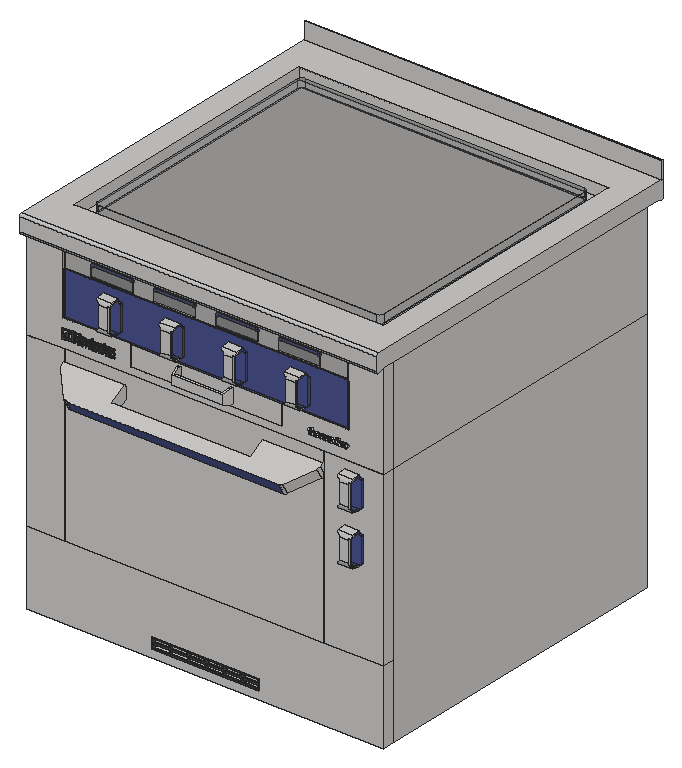
Revit family "QF_ELECTROLUXPROFESSIONAL_588418_MALLFBH8AO", category Attrezzature speciali, Revit 2020
Family settings
  Quota connettore circolare = Usa diametro
  Tipo di parte = Normale
  Basato su piano di lavoro = No
  Sempre verticale = Sì
  Taglio con vuoti quando caricato = No
  Condiviso = No
  Punto di calcolo locali = No
Parameters (values of type "Standard")
  Weight = 208.00 kg
  Watts = 17300 W
  Volts = 400 V
  URL Manufacturer = "https://www.electroluxprofessional.com/"
  URL = "https://www.electroluxprofessional.com/"
  Steam Supply Size = 0"
  Steam Supply Minimum Pressure = 0.00 psi
  Steam Supply Maximum Pressure = 0.00 psi
  Steam Consumption per Hour = 0
  Refrigeration Suction Line Size = 0 mm
  Refrigeration Liquid Line Size = 0 mm
  Refrigerant Compressor Remote = yes
  Prospetto di default = 0 mm
  Phase = 3
  Modello = "MALLFBH8AO"
  Produttore = "Electrolux Professional"
  Length Actual = 800 mm  # constant formula
  Item Number = "588418"
  Hot Water Size = 0"
  Height Actual = 800 mm  # constant formula
  HP = "23.2 HP"
  Gas Size = 0"
  Gas KW = 0
  Gas Input Pressure = 0.0 Btu/h
  Direct Waste Size = 0"
  Descrizione = "EL.SOLID TOP,ST.OV,1S,BS,800X800X800H"
  Depth Actual = 800 mm  # constant formula
  Cycle = 50 Hz
  Condensate Return Size = 0"
  Compressed Air Volume = 0 GPM
  Compressed Air Size = 0"
  Compressed Air Pressure = 0.00 psi
  Cold Water Size = 0"
  Accessory = yes
Reference planes
  plane 1 "BACK": y = 0
  plane 2: z = 0
  plane 3 "LEFT": x = 0
  plane 4 "RIGHT": x = 800
  plane 5 "FRONT": y = -800
  plane 6 "TOP": z = 900
  plane 7 "Center (Left/Right)": x = 400
  plane 8: y = -400
  plane 9: z = 100
  plane 10: y = -150
  plane 11 "Panel": y = -755
  plane 12: z = 798
  plane 13: z = 1327
  plane 14: x = 78
  plane 15: x = 722
  plane 16: y = -150
  plane 17: y = -650
  plane 18 "EIx": x = 755
  plane 19 "EIy": y = -585
Forms (mm)
  Extrusion 1, solid, material "QF_Finishes_Stainless Steel"
    sketch origin (-178.969, -4572, 100) x (-1, 0, 0) y (0, -1, 0)
      loop
        line (-178.969, -4527) -> (-178.969, -3817) -> (-978.969, -3817) -> (-978.969, -4527) -> (-178.969, -4527)
    from 550 to 763
  Extrusion 2, solid, material "QF_Finishes_Stainless Steel"
    sketch origin (0, 0, 0) x (0, 1, 0) y (0, 0, 1)
      loop
        line (-755, 100) -> (-755, 265) -> (-780, 265) -> (-780, 100) -> (-755, 100)
    from 0 to 800
  Extrusion 3, solid, material "QF_Finishes_Stainless Steel"
    sketch origin (-588.969, -4562, 100) x (-1, 0, 0) y (0, -1, 0)
      loop
        circle (-1343.969, -3977) r 6.35
    from 0 to -11.851
  Extrusion 4, solid, material "QF_Finishes_Stainless Steel"
    sketch origin (400, 296.4, 1219.2) x (0, 1, 0) y (0, 0, 1)
      loop
        line (-296.4, -319.2) -> (-1091.4, -319.2)
        arc (-1091.4, -319.2) -> (-1094.935, -320.664) -> (-1096.4, -324.2) r 5
        line (-1096.4, -324.2) -> (-1096.4, -355.2)
        arc (-1096.4, -355.2) -> (-1094.971, -358.264) -> (-1091.705, -359.139) r 4
        line (-1091.705, -359.139) -> (-1076.4, -356.231) -> (-316.4, -356.231) -> (-301.094, -359.139)
        arc (-301.094, -359.139) -> (-297.829, -358.264) -> (-296.4, -355.2) r 4
        line (-296.4, -355.2) -> (-296.4, -319.2)
    from -400 to 400
  Extrusion 5, solid, material "QF_Finishes_Electrolux_Black Smoke Iluminated"
    sketch origin (0, 0, 900) x (-1, 0, 0) y (0, -1, 0)
      loop
        arc (-88, 109) -> (-80.929, 111.929) -> (-78, 119) r 10
        line (-78, 119) -> (-78, 680)
        arc (-78, 680) -> (-80.929, 687.071) -> (-88, 690) r 10
        line (-88, 690) -> (-712, 690)
        arc (-712, 690) -> (-719.071, 687.071) -> (-722, 680) r 10
        line (-722, 680) -> (-722, 119)
        arc (-722, 119) -> (-719.071, 111.929) -> (-712, 109) r 10
        line (-712, 109) -> (-88, 109)
    from 0 to -20
  Extrusion 6, solid, material "QF_Finishes_Stainless Steel"
    sketch origin (-178.969, -4572, 100) x (-1, 0, 0) y (0, -1, 0)
      loop
        line (-178.969, -4527) -> (-178.969, -3817) -> (-978.969, -3817) -> (-978.969, -4527) -> (-178.969, -4527)
    from 550 to 0
  Extrusion 7, void
    sketch origin (0, -755, 0) x (-1, 0, 0) y (0, 0, 1)
      loop
        line (-520, 116.594) -> (-280, 116.594) -> (-280, 141.594) -> (-520, 141.594) -> (-520, 116.594)
    from 0 to -25
  Extrusion 8, solid, material "QF_Finishes_Black"
    sketch origin (0, -755, 0) x (-1, 0, 0) y (0, 0, 1)
      loop
        line (-280, 141.594) -> (-520, 141.594) -> (-520, 116.594) -> (-280, 116.594) -> (-280, 141.594)
      loop
        line (-282, 139.594) -> (-319.131, 139.594) -> (-319.131, 130.094) -> (-282, 130.094) -> (-282, 139.594)
      loop
        line (-282, 118.594) -> (-282, 128.094) -> (-319.131, 128.094) -> (-319.131, 118.594) -> (-282, 118.594)
      loop
        line (-321.131, 139.594) -> (-359.066, 139.594) -> (-359.066, 130.094) -> (-321.131, 130.094) -> (-321.131, 139.594)
      loop
        line (-399, 139.594) -> (-399, 130.094) -> (-361.066, 130.094) -> (-361.066, 139.594) -> (-399, 139.594)
      loop
        line (-401, 139.594) -> (-438.934, 139.594) -> (-438.934, 130.094) -> (-401, 130.094) -> (-401, 139.594)
      loop
        line (-359.066, 118.594) -> (-321.131, 118.594) -> (-321.131, 128.094) -> (-359.066, 128.094) -> (-359.066, 118.594)
      loop
        line (-361.066, 118.594) -> (-361.066, 128.094) -> (-399, 128.094) -> (-399, 118.594) -> (-361.066, 118.594)
      loop
        line (-401, 128.094) -> (-438.934, 128.094) -> (-438.934, 118.594) -> (-401, 118.594) -> (-401, 128.094)
      loop
        line (-518, 139.594) -> (-518, 130.094) -> (-480.869, 130.094) -> (-480.869, 139.594) -> (-518, 139.594)
      loop
        line (-518, 118.594) -> (-480.869, 118.594) -> (-480.869, 128.094) -> (-518, 128.094) -> (-518, 118.594)
      loop
        line (-478.869, 139.594) -> (-478.869, 130.094) -> (-440.934, 130.094) -> (-440.934, 139.594) -> (-478.869, 139.594)
      loop
        line (-440.934, 118.594) -> (-440.934, 128.094) -> (-478.869, 128.094) -> (-478.869, 118.594) -> (-440.934, 118.594)
    from -25.03 to -20
  Extrusion 9, void
    sketch origin (0, 0, 900) x (-1, 0, 0) y (0, -1, 0)
      loop
        line (-53, 715) -> (-747, 715) -> (-747, 84) -> (-53, 84) -> (-53, 715)
    from 0 to -25
  Extrusion 10, solid, material "QF_Finishes_Stainless Steel"
    sketch origin (0, 0, 900) x (-1, 0, 0) y (0, -1, 0)
      loop
        line (-82, 113) -> (-82, 686) -> (-718, 686) -> (-718, 113) -> (-82, 113)
    from -20 to -25
  Extrusion 11, solid, material "QF_Finishes_Stainless Steel"
    sketch origin (400, 296.4, 1219.2) x (0, 1, 0) y (0, 0, 1)
      loop
        line (-299.4, -319.2) -> (-296.4, -319.2) -> (-296.4, -281.2) -> (-299.4, -281.2) -> (-299.4, -319.2)
    from -400 to 400
Cuts and joins
  Extrusion 7 cuts Extrusion 6
  Extrusion 7 cuts Extrusion 2
  Extrusion 9 cuts Extrusion 4
Lines and regions (mm)
  symbolic lines
    curve 1: line (0, 0, 100) -> (800, 0, 100)
    curve 2: line (0, -800, 100) -> (0, 0, 100)
    curve 3: line (800, -800, 100) -> (0, -800, 100)
    curve 4: line (800, 0, 100) -> (800, -800, 100)
    curve 5: line (712, -109, 100) -> (88, -109, 100)
    curve 6: line (78, -119, 100) -> (78, -680, 100)
    curve 7: line (88, -690, 100) -> (712, -690, 100)
    curve 8: line (722, -680, 100) -> (722, -119, 100)
    curve 9: arc (88, -109, 100) -> (80.929, -111.929, 100) -> (78, -119, 100) r 10
    curve 10: arc (722, -119, 100) -> (719.071, -111.929, 100) -> (712, -109, 100) r 10
    curve 11: arc (712, -690, 100) -> (719.071, -687.071, 100) -> (722, -680, 100) r 10
    curve 12: arc (78, -680, 100) -> (80.929, -687.071, 100) -> (88, -690, 100) r 10
    curve 13: line (747, -84, 900) -> (53, -84, 900)
    curve 14: line (53, -84, 900) -> (53, -715, 900)
    curve 15: line (747, -715, 900) -> (747, -84, 900)
    curve 16: line (53, -715, 900) -> (747, -715, 900)
  model lines, style "SpecialityEquipment"
    curve 17: arc (584, -161, 900) -> (530.967, -289.033, 900) -> (659, -236, 900) r 75
    curve 18: line (639, -236, 900) -> (679, -236, 900)
    curve 19: line (679, -236, 900) -> (659, -216, 900)
    curve 20: line (639, -236, 900) -> (659, -216, 900)
    curve 21: arc (216, -161, 900) -> (162.967, -289.033, 900) -> (291, -236, 900) r 75
    curve 22: line (271, -236, 900) -> (311, -236, 900)
    curve 23: line (311, -236, 900) -> (291, -216, 900)
    curve 24: line (271, -236, 900) -> (291, -216, 900)
    curve 25: arc (584, -489, 900) -> (530.967, -617.033, 900) -> (659, -564, 900) r 75
    curve 26: line (639, -564, 900) -> (679, -564, 900)
    curve 27: line (679, -564, 900) -> (659, -544, 900)
    curve 28: line (639, -564, 900) -> (659, -544, 900)
    curve 29: arc (216, -489, 900) -> (162.967, -617.033, 900) -> (291, -564, 900) r 75
    curve 30: line (271, -564, 900) -> (311, -564, 900)
    curve 31: line (311, -564, 900) -> (291, -544, 900)
    curve 32: line (271, -564, 900) -> (291, -544, 900)
Dimensions and locks
  plane 3 "LEFT" to plane 4 "RIGHT" = 800 mm
  plane 5 "FRONT" to plane 1 "BACK" = 800 mm
  equal spacing: plane 3 "LEFT", plane 7 "Center (Left/Right)", plane 4 "RIGHT"
  equal spacing: plane 5 "FRONT", plane 8, plane 1 "BACK"
  plane 6 "TOP" to level = 900 mm  (x2)
  plane 9 to level = 100 mm
  plane 1 "BACK" to plane 10 to plane 11 "Panel" = 150 mm, 605 mm  (x2)
  plane 6 "TOP" to plane 9 to level = 800 mm, 100 mm
  plane 1 "BACK" to plane 5 "FRONT" = 800 mm
  plane 1 "BACK" to Extrusion 3 = 585 mm
  plane 12 to plane 9 = 698 mm
  plane 13 to plane 6 "TOP" = 427 mm
  plane 6 "TOP" to plane 12 = 102 mm
  plane 14 to plane 3 "LEFT" = 78 mm
  plane 15 to plane 4 "RIGHT" = 78 mm
  locked: plane 1 "BACK" to plane 16 at 150
  locked: plane 16 to plane 17 at 500
  plane 11 "Panel" to plane 5 "FRONT" = 45 mm
  plane 18 "EIx" to plane 4 "RIGHT" = 45 mm
  plane 19 "EIy" to plane 1 "BACK" = 585 mm
  aligned and locked: level to plane 2
  aligned and locked: Extrusion 2 to plane 4 "RIGHT"
  aligned and locked: plane 3 "LEFT" to nested 1
  aligned and locked: nested 1 to nested 4
  aligned and locked: cut or joined group of Extrusion 2, Extrusion 7 to nested 1
Automatic sketch dimensions
  Extrusion 2 sketch curve to plane 9 = 0 mm
  Extrusion 2 sketch curve to plane 11 "Panel" = 0 mm
  Extrusion 2 sketch curve to plane 5 "FRONT" = 20 mm
  plane 9 to Extrusion 2 sketch curve = 165 mm
  Extrusion 3 sketch curve to plane 18 "EIx" = 0 mm
  Extrusion 3 sketch curve to plane 19 "EIy" = 0 mm
  Extrusion 4 sketch curve to plane 5 "FRONT" = 0 mm
  Extrusion 4 sketch curve to plane 6 "TOP" = 0 mm
  Extrusion 4 sketch curve to plane 1 "BACK" = 0 mm
  Extrusion 4 sketch curve to plane 5 "FRONT" = 4 mm
  Extrusion 4 sketch curve to Extrusion 4 sketch curve = 0.695 mm
  Extrusion 4 sketch curve to plane 5 "FRONT" = 5 mm
  Extrusion 4 sketch curve to Extrusion 4 sketch curve = 15.305 mm
  plane 1 "BACK" to Extrusion 4 sketch curve = 20 mm
  plane 1 "BACK" to Extrusion 4 sketch curve = 4.695 mm
  Extrusion 4 sketch curve to Extrusion 4 sketch curve = 4 mm
  Extrusion 4 sketch curve to Extrusion 4 sketch curve = 31 mm
  Extrusion 4 sketch curve to plane 6 "TOP" = 36 mm
  Extrusion 4 sketch curve to Extrusion 4 sketch curve = 2.909 mm
  Extrusion 5 sketch curve to plane 15 = 0 mm
  Extrusion 5 sketch curve to plane 14 = 0 mm
  plane 15 to Extrusion 5 sketch curve = 10 mm  (x2)
  Extrusion 5 sketch curve to Extrusion 5 sketch curve = 10 mm  (x2)
  plane 10 to Extrusion 5 sketch curve = 41 mm
  plane 17 to Extrusion 5 sketch curve = 30 mm
  plane 9 to Extrusion 7 sketch curve = 41.594 mm
  plane 7 "Center (Left/Right)" to Extrusion 7 sketch curve = 120 mm
  Extrusion 7 sketch curve to plane 7 "Center (Left/Right)" = 120 mm
  plane 9 to Extrusion 7 sketch curve = 16.594 mm
  plane 9 to Extrusion 8 sketch curve = 41.594 mm
  plane 7 "Center (Left/Right)" to Extrusion 8 sketch curve = 120 mm
  Extrusion 8 sketch curve to Extrusion 8 sketch curve = 2 mm  (x15)
  Extrusion 8 sketch curve to Extrusion 8 sketch curve = 0 mm  (x16)
  Extrusion 8 sketch curve to Extrusion 8 sketch curve = 37.131 mm  (x2)
  Extrusion 8 sketch curve to Extrusion 8 sketch curve = 37.934 mm  (x3)
  plane 7 "Center (Left/Right)" to Extrusion 8 sketch curve = 1 mm  (x2)
  Extrusion 8 sketch curve to plane 7 "Center (Left/Right)" = 1 mm  (x2)
  plane 9 to Extrusion 8 sketch curve = 18.594 mm  (x4)
  Extrusion 8 sketch curve to Extrusion 8 sketch curve = 9.5 mm  (x6)
  plane 18 "EIx" to Extrusion 9 sketch curve = 8 mm
  plane 14 to Extrusion 9 sketch curve = 25 mm
  plane 10 to Extrusion 9 sketch curve = 66 mm
  plane 11 "Panel" to Extrusion 9 sketch curve = 40 mm
  Extrusion 10 sketch curve to plane 14 = 4 mm
  plane 15 to Extrusion 10 sketch curve = 4 mm
  plane 17 to Extrusion 10 sketch curve = 36 mm
  plane 10 to Extrusion 10 sketch curve = 37 mm
  Extrusion 1 sketch curve to plane 4 "RIGHT" = 0 mm
  Extrusion 1 sketch curve to plane 3 "LEFT" = 0 mm
  Extrusion 1 sketch curve to plane 11 "Panel" = 0 mm
  plane 1 "BACK" to Extrusion 1 sketch curve = 45 mm
  plane 1 "BACK" to curve 1 = 0 mm
  curve 1 to plane 4 "RIGHT" = 0 mm
  curve 8 to plane 15 = 0 mm
  curve 6 to plane 14 = 0 mm
  curve 2 to plane 3 "LEFT" = 0 mm
  plane 5 "FRONT" to curve 3 = 0 mm
  plane 15 to curve 5 = 10 mm
  curve 11 to curve 11 = 10 mm
  curve 5 to plane 14 = 10 mm
  curve 12 to curve 6 = 10 mm
  plane 10 to curve 5 = 41 mm
  plane 17 to curve 11 = 30 mm
  Extrusion 6 sketch curve to plane 4 "RIGHT" = 0 mm
  Extrusion 6 sketch curve to plane 3 "LEFT" = 0 mm
  Extrusion 6 sketch curve to plane 11 "Panel" = 0 mm
  plane 1 "BACK" to Extrusion 6 sketch curve = 45 mm
  curve 20 to curve 17 = 55 mm
  curve 26 to curve 25 = 55 mm
  curve 19 to curve 18 = 20 mm
  curve 26 to curve 27 = 20 mm
  curve 18 to curve 19 = 20 mm
  plane 18 "EIx" to curve 13 = 8 mm
  curve 31 to plane 7 "Center (Left/Right)" = 89 mm
  curve 23 to plane 7 "Center (Left/Right)" = 89 mm
  curve 22 to curve 24 = 20 mm
  curve 30 to curve 31 = 20 mm
  curve 23 to curve 22 = 20 mm
  curve 31 to curve 30 = 20 mm
  curve 22 to curve 21 = 55 mm
  curve 30 to curve 29 = 55 mm
  plane 14 to curve 14 = 25 mm
  plane 10 to curve 13 = 66 mm
  plane 11 "Panel" to curve 16 = 40 mm
  curve 29 to curve 30 = 20 mm
  curve 27 to curve 26 = 40 mm
  curve 25 to curve 26 = 20 mm
  plane 15 to curve 19 = 43 mm
  curve 17 to curve 18 = 20 mm
  curve 21 to curve 22 = 20 mm
  Extrusion 11 sketch curve to plane 6 "TOP" = 0 mm
  Extrusion 11 sketch curve to plane 1 "BACK" = 0 mm
  Extrusion 11 sketch curve to Extrusion 11 sketch curve = 3 mm
  Extrusion 11 sketch curve to Extrusion 11 sketch curve = 38 mm
  plane 19 "EIy" to curve 27 = 21 mm
  plane 15 to curve 27 = 43 mm
  curve 23 to plane 10 = 66 mm
  curve 19 to plane 10 = 66 mm
  plane 19 "EIy" to curve 32 = 41 mm
  radius of Extrusion 3 sketch curve = 6.35 mm
Nested families
  nested 1: "Door_Panel_W800_A" at (300, -755, 0), type "Door_Panel_W800_A"
  nested 2: "FIT Range Control Handle" at (730, -783.167, -372.751), type "FIT Range Control Handle"
  nested 3: "FIT Range Control Handle" at (730, -783.167, -484.751), type "FIT Range Control Handle"
  nested 4: "Front_Panel_W800_Four Knobs" at (202.376, -755, 0), type "Front_Panel_W800_Four Knobs"
Connectors
  electrical at (755, -585, 88.149)
    settings: on Extrusion 3, index 1, voltage 400 V, apparent load 33000 VA, apparent load phase1 0 VA, apparent load phase2 0 VA, apparent load phase3 0 VA, power factor 1, load classification "Other", number of poles 1, system type 30, power factor state 1, is connector primary yes, connector utility no, sub classification motor no, connector description "ELECTRICAL CONNECTION"
Definition of nested family "Door_Panel_W800_A"
  Parameters
    Default Elevation = 0 mm
  Reference planes
    plane 1 "Center (Front/Back)": y = 0
    plane 2 "Ref. Level": z = 0
    plane 3: x = 500
    plane 4: x = -300
    plane 5 "Center (Left/Right)": x = 100
    plane 6: x = -215
    plane 7: x = 365
    plane 8 "Manopola": through (-6096, -50.059, 612.389) normal (0, -0.515, 0.8572)
    plane 9 "Top": z = 650
    plane 10: z = 265
    plane 11: z = 200
  Forms (mm)
    Extrusion 1, solid
      sketch origin (100, 0, 0) x (0, 1, 0) y (0, 0, 1)
        loop
          line (-25.03, 650) -> (-25.03, 265) -> (0, 265) -> (0, 650) -> (-25.03, 650)
      from 265 to 400
    Extrusion 2, solid
      sketch origin (100, 0, 0) x (0, 1, 0) y (0, 0, 1)
        loop
          line (-25.03, 650) -> (-25.03, 265) -> (0, 265) -> (0, 650) -> (-25.03, 650)
      from -400 to -315
    Extrusion 3, solid
      sketch origin (100, 0, 0) x (0, 1, 0) y (0, 0, 1)
        loop
          line (-25.03, 650) -> (-25.03, 265) -> (0, 265) -> (0, 650) -> (-25.03, 650)
      from -315 to 265
    Extrusion 4, solid
      sketch origin (0, -283.633, 472.044) x (0, 0.857167, 0.515038) y (-1, 0, 0)
        loop
          line (299.12, -365) -> (299.12, 215) -> (290.982, 215)
          arc (290.982, 215) -> (286.677, 214.026) -> (283.211, 211.293) r 10
          line (283.211, 211.293) -> (233.28, 170.86)
          arc (233.28, 170.86) -> (230.548, 167.394) -> (229.574, 163.089) r 10
          line (229.574, 163.089) -> (229.574, -313.089)
          arc (229.574, -313.089) -> (230.548, -317.394) -> (233.28, -320.86) r 10
          line (233.28, -320.86) -> (283.211, -361.293)
          arc (283.211, -361.293) -> (286.677, -364.026) -> (290.982, -365) r 10
          line (290.982, -365) -> (299.12, -365)
      from -27 to 0
    Extrusion 5, void
      sketch origin (100, 0, 0) x (0, 1, 0) y (0, 0, 1)
        loop
          line (-61.514, 605.507) -> (-47.608, 582.363) -> (-25.03, 595.93) -> (-25.03, 627.429) -> (-61.514, 605.507)
      from -180 to 130
    Extrusion 6, solid, detail levels coarse
      sketch origin (100, 0, 0) x (0, 1, 0) y (0, 0, 1)
        loop
          line (-25.03, 265) -> (-25.03, 650)
          arc (-25.03, 650) -> (-297.266, 537.236) -> (-410.03, 265) r 385
          line (-410.03, 265) -> (-25.03, 265)
      from -315 to 265
  Cuts and joins
    Extrusion 5 cuts Extrusion 4
    joined: Extrusion 3, Extrusion 4
  Lines and regions (mm)
    symbolic lines
      curve 1: line (-207.355, -45.043, 0) -> (-170.86, -83.673, 0)
      curve 2: line (-163.089, -86.85, 0) -> (313.089, -86.85, 0)
      curve 3: line (320.86, -83.673, 0) -> (357.355, -45.043, 0)
      curve 4: arc (-163.089, -86.85, 0) -> (-167.318, -86.101, 0) -> (-170.86, -83.673, 0) r 10.165
      curve 5: arc (313.089, -86.85, 0) -> (317.318, -86.101, 0) -> (320.86, -83.673, 0) r 10.165
      curve 6: line (-215, -45.043, 0) -> (-215, -410.03, 0)
      curve 7: line (-215, -410.03, 0) -> (365, -410.03, 0)
      curve 8: line (365, -410.03, 0) -> (365, -45.03, 0)
  Dimensions and locks
    plane 3 to plane 4 = 800 mm
    plane 4 to plane 3 = 800 mm
    equal spacing: plane 3, plane 5 "Center (Left/Right)", plane 4
    plane 6 to plane 4 = 85 mm
    plane 3 to plane 7 = 135 mm
    plane 11 to level = 200 mm
    plane 10 to plane 11 = 65 mm
    plane 10 to plane 9 "Top" = 385 mm
    plane 9 "Top" to plane 11 = 450 mm
    aligned and locked: plane 3 to Extrusion 1
    aligned and locked: cut or joined group of Extrusion 3, Extrusion 4, Extrusion 5 to plane 6
    aligned and locked: cut or joined group of Extrusion 3, Extrusion 4, Extrusion 5 to plane 7
    aligned and locked: plane 7 to Extrusion 1
    aligned and locked: plane 6 to Extrusion 2
    aligned and locked: Extrusion 2 to plane 4
    aligned and locked: plane 10 to Extrusion 2
    aligned and locked: plane 10 to cut or joined group of Extrusion 3, Extrusion 4, Extrusion 5
    aligned and locked: plane 10 to Extrusion 1
    aligned and locked: Extrusion 6 to plane 6
    aligned and locked: Extrusion 6 to plane 7
  Automatic sketch dimensions
    Extrusion 5 sketch curve to plane 8 "Manopola" = 0 mm  (x2)
    plane 1 "Center (Front/Back)" to Extrusion 5 sketch curve = 61.514 mm
    Extrusion 5 sketch curve to Extrusion 5 sketch curve = 13.906 mm
    plane 1 "Center (Front/Back)" to Extrusion 5 sketch curve = 25.03 mm
    Extrusion 4 sketch curve to plane 7 = 0 mm
    Extrusion 4 sketch curve to plane 6 = 0 mm
    plane 6 to Extrusion 4 sketch curve = 51.911 mm
    plane 7 to Extrusion 4 sketch curve = 44.14 mm
    Extrusion 4 sketch curve to Extrusion 4 sketch curve = 3.707 mm  (x2)
    plane 6 to Extrusion 4 sketch curve = 44.14 mm
    plane 7 to Extrusion 4 sketch curve = 3.707 mm
    Extrusion 4 sketch curve to Extrusion 4 sketch curve = 49.93 mm  (x2)
    plane 6 to Extrusion 4 sketch curve = 3.707 mm
    Extrusion 4 sketch curve to Extrusion 4 sketch curve = 7.771 mm  (x3)
    Extrusion 4 sketch curve to Extrusion 4 sketch curve = 8.138 mm
    Extrusion 2 sketch curve to plane 1 "Center (Front/Back)" = 0 mm
    Extrusion 3 sketch curve to plane 1 "Center (Front/Back)" = 0 mm
    Extrusion 1 sketch curve to plane 1 "Center (Front/Back)" = 0 mm
    Extrusion 2 sketch curve to plane 9 "Top" = 0 mm
    Extrusion 2 sketch curve to Extrusion 2 sketch curve = 25.03 mm
    Extrusion 3 sketch curve to plane 9 "Top" = 0 mm
    Extrusion 3 sketch curve to Extrusion 3 sketch curve = 25.03 mm
    Extrusion 1 sketch curve to plane 9 "Top" = 0 mm
    plane 1 "Center (Front/Back)" to Extrusion 1 sketch curve = 25.03 mm
    level to Extrusion 1 sketch curve = 265 mm
    level to Extrusion 2 sketch curve = 265 mm
    level to Extrusion 3 sketch curve = 265 mm
    plane 10 to Extrusion 6 sketch curve = 0 mm
    Extrusion 6 sketch curve to plane 9 "Top" = 0 mm
    plane 1 "Center (Front/Back)" to Extrusion 6 sketch curve = 25.03 mm
    curve 7 to plane 7 = 0 mm
    plane 6 to curve 1 = 44.14 mm
    curve 4 to curve 4 = 7.389 mm
    curve 4 to curve 2 = 7.771 mm
    plane 7 to curve 2 = 51.911 mm
    curve 2 to curve 5 = 0.382 mm
    curve 2 to curve 3 = 7.771 mm
    plane 1 "Center (Front/Back)" to curve 6 = 410.03 mm
    plane 1 "Center (Front/Back)" to curve 2 = 86.85 mm
    curve 2 to curve 3 = 3.177 mm
    curve 2 to curve 1 = 3.177 mm
    plane 7 to curve 3 = 7.645 mm
    plane 1 "Center (Front/Back)" to curve 3 = 45.043 mm
    curve 3 to curve 8 = 0.013 mm
    curve 7 to plane 6 = 0 mm
    curve 6 to curve 1 = 7.645 mm
    plane 1 "Center (Front/Back)" to curve 1 = 45.043 mm
    curve 6 to curve 1 = 0 mm
Definition of nested family "FIT Range Control Handle"
  Parameters
    Default Elevation = 0 mm
  Reference planes
    plane 1 "Center (Front/Back)": y = 0
    plane 2: z = 0
    plane 3 "Center (Left/Right)": x = 0
    plane 4: z = 971.092
    plane 5: y = -16.8
  Forms (mm)
    Extrusion 1, solid
      sketch origin (-746.28, 380.497, 208.931) x (-1, 0, 0) y (0, 0, 1)
        loop
          line (-770.101, 786.798) -> (-770.101, 731.649)
          arc (-770.101, 731.649) -> (-769.759, 730.563) -> (-768.855, 729.87) r 1.893
          line (-768.855, 729.87) -> (-763.474, 727.911) -> (-729.81, 727.911) -> (-724.428, 729.87)
          arc (-724.428, 729.87) -> (-723.525, 730.563) -> (-723.183, 731.649) r 1.893
          line (-723.183, 731.649) -> (-723.183, 786.798)
          arc (-723.183, 786.798) -> (-723.529, 787.894) -> (-724.44, 788.593) r 1.91
          line (-724.44, 788.593) -> (-729.683, 790.819) -> (-763.601, 790.819) -> (-768.844, 788.593)
          arc (-768.844, 788.593) -> (-769.755, 787.894) -> (-770.101, 786.798) r 1.91
      from -382.35 to -378.852
    Sweep 2, solid
      path origin (-746.788, 380.496, 208.091) x (0, -1, 0) y (0, 0, 1)
        loop
          line (379.775, 793.281) -> (395.661, 791.048)
          arc (395.661, 791.048) -> (397.781, 787.377) -> (398.517, 783.202) r 12.207
          line (398.517, 783.202) -> (398.517, 737.368)
          arc (398.517, 737.368) -> (397.781, 733.193) -> (395.661, 729.522) r 12.207
          line (395.661, 729.522) -> (379.775, 727.289)
      profile origin (-746.788, -7.222, 1000.256) x (0, -0.139173, 0.990268) y (-1, 0, 0)
        loop
          line (0.782, -763.123) -> (0.782, -730.907) -> (-1.322, -730.907) -> (-1.322, -763.123) -> (0.782, -763.123)
    Sweep 3, solid
      path origin (-746.788, 380.715, 207.832) x (0, -1, 0) y (0, 0, 1)
        loop
          line (380.478, 795.442) -> (397.218, 793.09)
          arc (397.218, 793.09) -> (399.929, 788.473) -> (400.871, 783.202) r 15.207
          line (400.871, 783.202) -> (400.871, 737.584)
          arc (400.871, 737.584) -> (399.914, 732.274) -> (397.164, 727.633) r 15.207
          line (397.164, 727.633) -> (380.601, 725.305)
      profile origin (-746.788, -8.132, 1002.099) x (0, -0.139173, 0.990268) y (-1, 0, 0)
        loop
          line (0.782, -763.123) -> (0.782, -730.907) -> (-1.322, -730.907) -> (-1.322, -763.123) -> (0.782, -763.123)
    Extrusion 4, void
      sketch origin (889.253, 220.666, 207.993) x (1, 0, 0) y (0, 0, 1)
        loop
          line (-943.038, 816.854) -> (-943.038, 703.686) -> (-899.466, 734.196) -> (-899.466, 786.344) -> (-943.038, 816.854)
      from 230.636 to 242.25
    Extrusion 5, void
      sketch origin (-888.8, 220.666, 207.993) x (-1, 0, 0) y (0, 0, -1)
        loop
          line (-943.038, -816.854) -> (-899.466, -786.344) -> (-899.466, -734.196) -> (-943.038, -703.686) -> (-943.038, -816.854)
      from 230.636 to 242.25
    Extrusion 6, solid
      sketch origin (0, 0, 0) x (1, 0, 0) y (0, 0, 1)
        loop
          circle (0, 971.092) r 7.736
      from -3.137 to -1.645
  Cuts and joins
    Extrusion 4, Extrusion 5 cuts Sweep 3
    Extrusion 4, Extrusion 5 cuts Sweep 2
    joined: Extrusion 1, Extrusion 6
  Lines and regions (mm)
    symbolic lines
      curve 1: line (-15.881, -19.189, 0) -> (-15.881, -16.8, 0)
      curve 2: line (16.334, -19.189, 0) -> (16.334, -16.8, 0)
      curve 3: spline (-15.881, -19.189, 0) -> (-15.417, -19.349, 0) -> (-14.951, -19.501, 0) -> (-14.483, -19.646, 0) -> (-14.014, -19.783, 0) -> (-13.543, -19.912, 0) -> (-13.071, -20.033, 0) -> (-12.597, -20.146, 0) -> (-12.122, -20.251, 0) -> (-11.646, -20.349, 0) -> (-11.169, -20.438, 0) -> (-10.691, -20.52, 0) -> (-10.213, -20.593, 0)
      curve 4: spline (10.666, -20.593, 0) -> (11.144, -20.52, 0) -> (11.622, -20.438, 0) -> (12.099, -20.349, 0) -> (12.575, -20.251, 0) -> (13.05, -20.146, 0) -> (13.524, -20.033, 0) -> (13.996, -19.912, 0) -> (14.467, -19.783, 0) -> (14.936, -19.646, 0) -> (15.404, -19.501, 0) -> (15.87, -19.349, 0) -> (16.334, -19.189, 0)
      curve 5: line (-10.213, -20.938, 0) -> (10.716, -20.938, 0)
  Dimensions and locks
    cut or joined group of Sweep 3, Extrusion 4, Extrusion 5 to cut or joined group of Sweep 3, Extrusion 4, Extrusion 5 = 71.686 mm
Definition of nested family "Front_Panel_W800_Four Knobs"
  Parameters
    Default Elevation = 0 mm
  Reference planes
    plane 1 "Center (Front/Back)": y = 0
    plane 2: z = 0
    plane 3 "Center (Left/Right)": x = 197.624
    plane 4 "Left": x = -202.376
    plane 5 "Right": x = 597.624
    plane 6: y = -45
    plane 7: x = -12.376
    plane 8: x = 127.624
    plane 9: y = -310
    plane 10: y = -25
    plane 11: x = 517.624
    plane 12: x = -122.376
  Forms (mm)
    Extrusion 1, solid
      sketch origin (833.217, 829.203, -1.25) x (0, 1, 0) y (0, 0, 1)
        loop
          line (-854.203, 651.25) -> (-829.203, 651.25) -> (-829.203, 864.25) -> (-854.203, 864.25) -> (-854.203, 651.25)
      from -1035.593 to -235.593
    Extrusion 2, void
      sketch origin (0, 0, 0) x (1, 0, 0) y (0, 0, 1)
        loop
          line (-122.376, 853.866) -> (-122.376, 711.866) -> (517.624, 711.866) -> (517.624, 853.866) -> (-122.376, 853.866)
      from 19.387 to 33.951
    Extrusion 3, void
      sketch origin (0, 0, 0) x (1, 0, 0) y (0, 0, 1)
        loop
          line (30.124, 711.866) -> (30.124, 666.866) -> (370.124, 666.866) -> (370.124, 711.866) -> (30.124, 711.866)
      from 19.387 to 25
    Extrusion 4, solid
      sketch origin (0, 0, 0) x (1, 0, 0) y (0, 0, 1)
        loop
          line (31.124, 710.866) -> (31.124, 667.866) -> (369.124, 667.866) -> (369.124, 710.866) -> (31.124, 710.866)
      from 19.387 to 25
    Extrusion 5, solid
      sketch origin (0, 0, 0) x (1, 0, 0) y (0, 1, 0)
        loop
          line (141.059, -25) -> (135.966, -25) -> (140.646, -49.075) -> (254.603, -49.075) -> (259.283, -25) -> (254.189, -25) -> (250.481, -44.075) -> (144.767, -44.075) -> (141.059, -25)
      from 672.593 to 705.67
    Extrusion 6, void
      sketch origin (197.624, 0, 0) x (0, 1, 0) y (0, 0, 1)
        loop
          line (-30, 705.67) -> (-30, 710.67) -> (-56.744, 710.67) -> (-56.744, 667.593) -> (-30, 667.593) -> (-30, 672.593) -> (-53.776, 680.318) -> (-53.776, 697.945) -> (-30, 705.67)
      from -70 to 70
    Extrusion 7, solid, detail levels coarse
      sketch origin (0, -265, 0) x (1, 0, 0) y (0, 1, 0)
        loop
          line (140.646, -69.075) -> (254.603, -69.075) -> (259.283, -45) -> (364.124, -45) -> (364.124, 240) -> (31.124, 240) -> (31.124, -45) -> (135.966, -45) -> (140.646, -69.075)
      from 672.593 to 705.67
    Extrusion 8, void
      sketch origin (197.624, -280, 0) x (0, 1, 0) y (0, 0, 1)
        loop
          line (-30, 705.67) -> (-30, 710.67) -> (-56.744, 710.67) -> (-56.744, 667.593) -> (-30, 667.593) -> (-30, 672.593) -> (-53.776, 680.318) -> (-53.776, 697.945) -> (-30, 705.67)
      from -70 to 70
  Cuts and joins
    Extrusion 2, Extrusion 3 cuts Extrusion 1
    Extrusion 6, Extrusion 8 cuts Extrusion 5
    Extrusion 8 cuts Extrusion 7
  Lines and regions (mm)
    symbolic lines
      curve 1: line (31.124, -45, 0) -> (31.124, -310, 0)
      curve 2: line (31.124, -310, 0) -> (364.124, -310, 0)
      curve 3: line (135.966, -310, 0) -> (140.646, -334.075, 0)
      curve 4: line (140.646, -334.075, 0) -> (254.603, -334.075, 0)
      curve 5: line (254.603, -334.075, 0) -> (259.283, -310, 0)
      curve 6: line (364.124, -310, 0) -> (364.124, -45, 0)
      curve 7: line (31.124, -300, 0) -> (364.124, -300, 0)
      curve 8: line (140.874, -309.046, 0) -> (144.767, -329.075, 0)
      curve 9: line (144.767, -329.075, 0) -> (250.481, -329.075, 0)
      curve 10: line (250.481, -329.075, 0) -> (254.375, -309.046, 0)
  Dimensions and locks
    equal spacing: plane 5 "Right", plane 3 "Center (Left/Right)", plane 4 "Left"
    plane 5 "Right" to plane 4 "Left" = 800 mm
    plane 3 "Center (Left/Right)" to plane 7 = 210 mm
    plane 3 "Center (Left/Right)" to plane 8 = 70 mm
    plane 6 to plane 9 = 265 mm
    aligned and locked: cut or joined group of Extrusion 1, Extrusion 2, Extrusion 3 to plane 4 "Left"
    aligned and locked: plane 5 "Right" to cut or joined group of Extrusion 1, Extrusion 2, Extrusion 3
    aligned and locked: plane 3 "Center (Left/Right)" to nested 2
    aligned and locked: cut or joined group of Extrusion 1, Extrusion 2, Extrusion 3 to nested 2
  Automatic sketch dimensions
    plane 7 to Extrusion 3 sketch curve = 42.5 mm
    plane 3 "Center (Left/Right)" to Extrusion 3 sketch curve = 172.5 mm
    level to Extrusion 3 sketch curve = 666.866 mm
    Extrusion 3 sketch curve to Extrusion 3 sketch curve = 45 mm
    plane 7 to Extrusion 4 sketch curve = 43.5 mm
    plane 3 "Center (Left/Right)" to Extrusion 4 sketch curve = 171.5 mm
    level to Extrusion 4 sketch curve = 667.866 mm
    Extrusion 4 sketch curve to Extrusion 4 sketch curve = 43 mm
    plane 8 to Extrusion 5 sketch curve = 8.342 mm
    plane 6 to Extrusion 5 sketch curve = 4.075 mm
    plane 8 to Extrusion 5 sketch curve = 13.021 mm
    Extrusion 5 sketch curve to Extrusion 5 sketch curve = 5.094 mm  (x2)
    Extrusion 5 sketch curve to plane 6 = 0.925 mm
    Extrusion 5 sketch curve to Extrusion 5 sketch curve = 4.122 mm  (x2)
    plane 3 "Center (Left/Right)" to Extrusion 5 sketch curve = 52.857 mm
    Extrusion 5 sketch curve to plane 6 = 20 mm  (x2)
    Extrusion 5 sketch curve to Extrusion 5 sketch curve = 3.708 mm
    plane 6 to Extrusion 6 sketch curve = 11.744 mm
    plane 6 to Extrusion 6 sketch curve = 8.776 mm
    Extrusion 6 sketch curve to plane 6 = 15 mm  (x2)
    level to Extrusion 6 sketch curve = 667.593 mm
    Extrusion 6 sketch curve to Extrusion 6 sketch curve = 5 mm
    Extrusion 6 sketch curve to Extrusion 6 sketch curve = 12.725 mm  (x2)
    Extrusion 6 sketch curve to Extrusion 6 sketch curve = 17.627 mm
    Extrusion 6 sketch curve to Extrusion 6 sketch curve = 7.725 mm
    Extrusion 8 sketch curve to plane 9 = 26.744 mm
    Extrusion 8 sketch curve to plane 9 = 23.776 mm
    plane 9 to Extrusion 8 sketch curve = 0 mm  (x2)
    level to Extrusion 8 sketch curve = 667.593 mm
    Extrusion 8 sketch curve to Extrusion 8 sketch curve = 5 mm
    Extrusion 8 sketch curve to Extrusion 8 sketch curve = 12.725 mm  (x2)
    Extrusion 8 sketch curve to Extrusion 8 sketch curve = 17.627 mm
    Extrusion 8 sketch curve to Extrusion 8 sketch curve = 7.725 mm
    plane 9 to Extrusion 7 sketch curve = 0 mm  (x2)
    plane 7 to Extrusion 7 sketch curve = 43.5 mm
    plane 8 to Extrusion 7 sketch curve = 8.342 mm
    Extrusion 7 sketch curve to plane 9 = 24.075 mm
    plane 8 to Extrusion 7 sketch curve = 13.021 mm
    Extrusion 7 sketch curve to Extrusion 7 sketch curve = 104.842 mm
    Extrusion 7 sketch curve to plane 6 = 20 mm
    plane 3 "Center (Left/Right)" to Extrusion 7 sketch curve = 56.979 mm
    Extrusion 7 sketch curve to Extrusion 7 sketch curve = 4.68 mm
    Extrusion 1 sketch curve to plane 1 "Center (Front/Back)" = 0 mm
    level to Extrusion 1 sketch curve = 650 mm
    plane 4 "Left" to Extrusion 2 sketch curve = 80 mm
    Extrusion 2 sketch curve to plane 5 "Right" = 80 mm
    level to Extrusion 2 sketch curve = 711.866 mm
    Extrusion 2 sketch curve to Extrusion 2 sketch curve = 142 mm
    plane 6 to curve 1 = 0 mm
    plane 6 to curve 6 = 0 mm
    plane 9 to curve 1 = 0 mm
    plane 7 to curve 1 = 43.5 mm
    curve 4 to plane 9 = 24.075 mm
    plane 8 to curve 4 = 13.021 mm
    curve 3 to curve 8 = 4.122 mm
    plane 3 "Center (Left/Right)" to curve 4 = 56.979 mm
    curve 4 to curve 2 = 109.521 mm
    plane 8 to curve 3 = 8.342 mm
    curve 3 to curve 8 = 4.908 mm
    curve 9 to curve 4 = 4.122 mm
    curve 10 to plane 9 = 19.075 mm
    curve 9 to curve 5 = 8.801 mm
    plane 9 to curve 10 = 0.954 mm
    curve 10 to curve 5 = 4.908 mm
    curve 3 to curve 8 = 0.954 mm
    curve 1 to curve 7 = 10 mm
    Extrusion 1 sketch curve to plane 6 = 20 mm
    Extrusion 1 sketch curve to Extrusion 1 sketch curve = 213 mm
  Nested families
    nested 1: "Range Control Handle" at (-12.376, -28.137, -209.113) x (-1, 0, 0) z (0, 0, 1), type "Range Control Handle"
    nested 2: "Front glass control panel W800" at (197.624, 280.644, 2.752), type "Front glass control panel W800"
    nested 3: "Range Control Handle" at (127.624, -28.137, -209.113) x (-1, 0, 0) z (0, 0, 1), type "Range Control Handle"
    nested 4: "Range Control Handle" at (407.624, -28.137, -209.113), type "Range Control Handle"
    nested 5: "Range Control Handle" at (267.624, -28.137, -209.113), type "Range Control Handle"
    nested 6: "ELX_ThermaLine_Small" at (468.838, -25, 679.426) x (1, 0, 0) z (0, -1, 0), type "ELX_ThermaLine_Small"
      with Show Logo yes, Material_Logo none
    nested 7: "ELX_Professional_Logo_Small" at (-62.89, -25, 681.659) x (1, 0, 0) z (0, -1, 0), type "ELX_Professional_Logo_Small"
      with Show Logo yes, Material_Logo none
  Definition of nested family "Range Control Handle"
    Parameters
      Default Elevation = 0 mm
    Reference planes
      plane 1 "Center (Front/Back)": y = 0
      plane 2: z = 0
      plane 3 "Center (Left/Right)": x = 0
      plane 4: z = 971.092
      plane 5: y = -16.9
    Forms (mm)
      Extrusion 1, solid
        sketch origin (-746.28, 380.497, 208.931) x (-1, 0, 0) y (0, 0, 1)
          loop
            line (-770.101, 786.798) -> (-770.101, 731.649)
            arc (-770.101, 731.649) -> (-769.759, 730.563) -> (-768.855, 729.87) r 1.893
            line (-768.855, 729.87) -> (-763.474, 727.911) -> (-729.81, 727.911) -> (-724.428, 729.87)
            arc (-724.428, 729.87) -> (-723.525, 730.563) -> (-723.183, 731.649) r 1.893
            line (-723.183, 731.649) -> (-723.183, 786.798)
            arc (-723.183, 786.798) -> (-723.529, 787.894) -> (-724.44, 788.593) r 1.91
            line (-724.44, 788.593) -> (-729.683, 790.819) -> (-763.601, 790.819) -> (-768.844, 788.593)
            arc (-768.844, 788.593) -> (-769.755, 787.894) -> (-770.101, 786.798) r 1.91
        from -382.35 to -378.852
      Sweep 2, solid
        path origin (-746.788, 380.496, 208.091) x (0, -1, 0) y (0, 0, 1)
          loop
            line (379.775, 793.281) -> (395.661, 791.048)
            arc (395.661, 791.048) -> (397.781, 787.377) -> (398.517, 783.202) r 12.207
            line (398.517, 783.202) -> (398.517, 737.368)
            arc (398.517, 737.368) -> (397.781, 733.193) -> (395.661, 729.522) r 12.207
            line (395.661, 729.522) -> (379.775, 727.289)
        profile origin (-746.788, -7.222, 1000.256) x (0, -0.139173, 0.990268) y (-1, 0, 0)
          loop
            line (0.782, -763.123) -> (0.782, -730.907) -> (-1.322, -730.907) -> (-1.322, -763.123) -> (0.782, -763.123)
      Sweep 3, solid
        path origin (-746.788, 380.715, 207.832) x (0, -1, 0) y (0, 0, 1)
          loop
            line (380.478, 795.442) -> (397.218, 793.09)
            arc (397.218, 793.09) -> (399.929, 788.473) -> (400.871, 783.202) r 15.207
            line (400.871, 783.202) -> (400.871, 737.584)
            arc (400.871, 737.584) -> (399.914, 732.274) -> (397.164, 727.633) r 15.207
            line (397.164, 727.633) -> (380.601, 725.305)
        profile origin (-746.788, -8.132, 1002.099) x (0, -0.139173, 0.990268) y (-1, 0, 0)
          loop
            line (0.782, -763.123) -> (0.782, -730.907) -> (-1.322, -730.907) -> (-1.322, -763.123) -> (0.782, -763.123)
      Extrusion 4, void
        sketch origin (889.253, 220.666, 207.993) x (1, 0, 0) y (0, 0, 1)
          loop
            line (-943.038, 816.854) -> (-943.038, 703.686) -> (-899.466, 734.196) -> (-899.466, 786.344) -> (-943.038, 816.854)
        from 230.636 to 242.25
      Extrusion 5, void
        sketch origin (-888.8, 220.666, 207.993) x (-1, 0, 0) y (0, 0, -1)
          loop
            line (-943.038, -816.854) -> (-899.466, -786.344) -> (-899.466, -734.196) -> (-943.038, -703.686) -> (-943.038, -816.854)
        from 230.636 to 242.25
      Extrusion 6, solid
        sketch origin (0, 0, 0) x (1, 0, 0) y (0, 0, 1)
          loop
            circle (0, 971.092) r 7.736
        from -3.137 to -1.645
    Cuts and joins
      Extrusion 4, Extrusion 5 cuts Sweep 3
      Extrusion 4, Extrusion 5 cuts Sweep 2
      joined: Extrusion 1, Extrusion 6
    Lines and regions (mm)
      symbolic lines
        curve 1: line (16.334, -16.9, 0) -> (16.334, -19.227, 0)
        curve 2: spline (16.334, -19.227, 0) -> (15.87, -19.385, 0) -> (15.404, -19.536, 0) -> (14.936, -19.678, 0) -> (14.466, -19.813, 0) -> (13.995, -19.94, 0) -> (13.523, -20.059, 0) -> (13.049, -20.171, 0) -> (12.575, -20.274, 0) -> (12.099, -20.37, 0) -> (11.622, -20.458, 0) -> (11.144, -20.537, 0) -> (10.666, -20.609, 0)
        curve 3: line (10.666, -16.9, 0) -> (10.666, -20.938, 0)
        curve 4: line (-10.213, -20.938, 0) -> (10.666, -20.938, 0)
        curve 5: line (-10.213, -20.938, 0) -> (-10.213, -16.9, 0)
        curve 6: spline (-10.213, -20.609, 0) -> (-10.691, -20.537, 0) -> (-11.169, -20.458, 0) -> (-11.646, -20.37, 0) -> (-12.122, -20.274, 0) -> (-12.597, -20.171, 0) -> (-13.07, -20.059, 0) -> (-13.542, -19.94, 0) -> (-14.013, -19.813, 0) -> (-14.483, -19.678, 0) -> (-14.951, -19.536, 0) -> (-15.417, -19.385, 0) -> (-15.881, -19.227, 0)
        curve 7: line (-15.881, -19.227, 0) -> (-15.881, -16.9, 0)
  Definition of nested family "Front glass control panel W800"
    Parameters
      Default Elevation = 0 mm
    Reference planes
      plane 1 "Center (Front/Back)": y = 0
      plane 2: z = 0
      plane 3 "Center (Left/Right)": x = 0
    Forms (mm)
      Extrusion 1, solid
        sketch origin (378.286, 0, 0.617) x (1, 0, 0) y (0, 0, 1)
          loop
            line (-698.286, 806.791) -> (-698.286, 708.497) -> (-58.286, 708.497) -> (-58.286, 806.791) -> (-698.286, 806.791)
        from 300.031 to 304.8
      Extrusion 2, solid
        sketch origin (378.286, 0, 0.617) x (1, 0, 0) y (0, 0, 1)
          loop
            line (-698.286, 850.497) -> (-698.286, 806.791) -> (-58.286, 806.791) -> (-58.286, 850.497) -> (-698.286, 850.497)
        from 300.031 to 304.8
      Extrusion 3, void
        sketch origin (378.286, 0, 0.617) x (1, 0, 0) y (0, 0, 1)
          loop
            line (-695.628, 847.565) -> (-695.628, 710.699) -> (-61.196, 710.699) -> (-61.196, 847.565) -> (-695.628, 847.565)
        from 303.697 to 304.8
      Extrusion 4, solid
        sketch origin (-378.333, 1.101, -0.633) x (-1, 0, 0) y (0, 0, -1)
          loop
            line (-261.431, -812.62) -> (-355.186, -812.62) -> (-355.186, -834.177) -> (-350.269, -834.177) -> (-348.469, -835.977) -> (-268.039, -835.977) -> (-266.24, -834.177) -> (-261.431, -834.177) -> (-261.431, -812.62)
        from 304.798 to 306.745
      Extrusion 5, solid
        sketch origin (-378.333, 1.101, -0.633) x (-1, 0, 0) y (0, 0, -1)
          loop
            line (-350.269, -834.177) -> (-355.078, -834.177)
            arc (-355.078, -834.177) -> (-353.942, -838.747) -> (-349.686, -840.763) r 5.5
            line (-349.686, -840.763) -> (-266.98, -840.763)
            arc (-266.98, -840.763) -> (-262.706, -838.752) -> (-261.529, -834.177) r 5.549
            line (-261.529, -834.177) -> (-266.24, -834.177) -> (-268.039, -835.977) -> (-348.469, -835.977) -> (-350.269, -834.177)
        from 304.798 to 306.745
      Extrusion 6, solid
        sketch origin (-518.333, 1.101, -0.633) x (-1, 0, 0) y (0, 0, -1)
          loop
            line (-261.431, -812.62) -> (-355.186, -812.62) -> (-355.186, -834.177) -> (-350.269, -834.177) -> (-348.469, -835.977) -> (-268.039, -835.977) -> (-266.24, -834.177) -> (-261.431, -834.177) -> (-261.431, -812.62)
        from 304.798 to 306.745
      Extrusion 7, solid
        sketch origin (-518.333, 1.101, -0.633) x (-1, 0, 0) y (0, 0, -1)
          loop
            line (-350.269, -834.177) -> (-355.078, -834.177)
            arc (-355.078, -834.177) -> (-353.942, -838.747) -> (-349.686, -840.763) r 5.5
            line (-349.686, -840.763) -> (-266.98, -840.763)
            arc (-266.98, -840.763) -> (-262.706, -838.752) -> (-261.529, -834.177) r 5.549
            line (-261.529, -834.177) -> (-266.24, -834.177) -> (-268.039, -835.977) -> (-348.469, -835.977) -> (-350.269, -834.177)
        from 304.798 to 306.745
      Extrusion 8, solid
        sketch origin (378.333, 1.101, -0.633) x (1, 0, 0) y (0, 0, 1)
          loop
            line (-261.431, 812.62) -> (-261.431, 834.177) -> (-266.24, 834.177) -> (-268.039, 835.977) -> (-348.469, 835.977) -> (-350.269, 834.177) -> (-355.186, 834.177) -> (-355.186, 812.62) -> (-261.431, 812.62)
        from 304.798 to 306.745
      Extrusion 9, solid
        sketch origin (378.333, 1.101, -0.633) x (1, 0, 0) y (0, 0, 1)
          loop
            line (-350.269, 834.177) -> (-348.469, 835.977) -> (-268.039, 835.977) -> (-266.24, 834.177) -> (-261.529, 834.177)
            arc (-261.529, 834.177) -> (-262.706, 838.752) -> (-266.98, 840.763) r 5.549
            line (-266.98, 840.763) -> (-349.686, 840.763)
            arc (-349.686, 840.763) -> (-353.942, 838.747) -> (-355.078, 834.177) r 5.5
            line (-355.078, 834.177) -> (-350.269, 834.177)
        from 304.798 to 306.745
      Extrusion 10, solid
        sketch origin (518.333, 1.101, -0.633) x (1, 0, 0) y (0, 0, 1)
          loop
            line (-261.431, 812.62) -> (-261.431, 834.177) -> (-266.24, 834.177) -> (-268.039, 835.977) -> (-348.469, 835.977) -> (-350.269, 834.177) -> (-355.186, 834.177) -> (-355.186, 812.62) -> (-261.431, 812.62)
        from 304.798 to 306.745
      Extrusion 11, solid
        sketch origin (518.333, 1.101, -0.633) x (1, 0, 0) y (0, 0, 1)
          loop
            line (-350.269, 834.177) -> (-348.469, 835.977) -> (-268.039, 835.977) -> (-266.24, 834.177) -> (-261.529, 834.177)
            arc (-261.529, 834.177) -> (-262.706, 838.752) -> (-266.98, 840.763) r 5.549
            line (-266.98, 840.763) -> (-349.686, 840.763)
            arc (-349.686, 840.763) -> (-353.942, 838.747) -> (-355.078, 834.177) r 5.5
            line (-355.078, 834.177) -> (-350.269, 834.177)
        from 304.798 to 306.745
    Cuts and joins
      Extrusion 3 cuts Extrusion 1
      Extrusion 3 cuts Extrusion 2
    Dimensions and locks
      aligned and locked: Extrusion 1 to Extrusion 2
      aligned and locked: Extrusion 5 sketch curve to Extrusion 4  (x5)
      aligned and locked: Extrusion 5 to Extrusion 4
      aligned and locked: Extrusion 7 sketch curve to Extrusion 6  (x5)
      aligned and locked: Extrusion 7 to Extrusion 6
      aligned and locked: Extrusion 9 sketch curve to Extrusion 8  (x4)
      aligned and locked: Extrusion 8 to Extrusion 9 sketch curve
      aligned and locked: Extrusion 9 to Extrusion 8
      aligned and locked: Extrusion 11 sketch curve to Extrusion 10  (x4)
      aligned and locked: Extrusion 10 to Extrusion 11 sketch curve
      aligned and locked: Extrusion 11 to Extrusion 10
  Definition of nested family "ELX_ThermaLine_Small"
    Parameters
      Show Logo [instance] = yes
      Material_Logo [instance] = none
      Default Elevation = 0 mm
    Reference planes
      plane 1 "Centro (Fronte/Retro)": y = 0
      plane 2: z = 0
      plane 3 "Centro (Sinistra/Destra)": x = 0
    Forms (mm)
      Extrusion 1, solid
        sketch origin (0, 0, 0) x (1, 0, 0) y (0, 1, 0)
          loop
            line (-1219.2, 1219.2) -> (-1219.2, -1219.2) -> (1219.2, -1219.2) -> (1219.2, 1219.2) -> (-1219.2, 1219.2)
        from 0 to -304.8
      Extrusion 2, solid
        sketch origin (0, 0, 0) x (1, 0, 0) y (0, 1, 0)
          loop
            line (-37.494, 1.229) -> (-35.908, 1.229) -> (-35.908, 3.066) -> (-37.494, 3.066) -> (-37.494, 6.221) -> (-39.867, 4.881) -> (-39.867, 3.066) -> (-40.969, 3.066) -> (-40.969, 1.229) -> (-39.867, 1.229) -> (-39.867, -3.407)
            arc (-39.867, -3.407) -> (-38.982, -5.513) -> (-36.751, -6.001) r 2.478
            line (-36.751, -6.001) -> (-35.638, -5.7) -> (-35.9, -3.835) -> (-36.661, -4.039)
            arc (-36.661, -4.039) -> (-37.236, -3.924) -> (-37.494, -3.399) r 0.662
            line (-37.494, -3.399) -> (-37.494, 1.229)
          loop
            line (-34.242, 6.539) -> (-34.242, -5.848) -> (-31.854, -5.848) -> (-31.854, -0.078)
            arc (-31.854, -0.078) -> (-30.939, 1.249) -> (-29.33, 1.367) r 1.866
            arc (-29.33, 1.367) -> (-28.695, 0.768) -> (-28.461, -0.073) r 1.627
            line (-28.461, -0.073) -> (-28.461, -5.848) -> (-26.086, -5.848) -> (-26.064, -0.46)
            arc (-26.064, -0.46) -> (-26.261, 0.932) -> (-26.786, 2.237) r 5.825
            arc (-26.786, 2.237) -> (-29.381, 3.264) -> (-31.854, 1.971) r 3.353
            line (-31.854, 1.971) -> (-31.854, 6.539) -> (-34.242, 6.539)
          loop
            arc (-18.398, -0.598) -> (-18.893, 0.879) -> (-20.326, 1.487) r 1.897
            arc (-20.326, 1.487) -> (-21.461, 0.708) -> (-21.897, -0.598) r 2.164
            line (-21.897, -0.598) -> (-18.398, -0.598)
          loop
            arc (-16.021, -2.044) -> (-16.754, 1.227) -> (-19.444, 3.226) r 4.814
            arc (-19.444, 3.226) -> (-22.137, 2.788) -> (-23.943, 0.743) r 4.054
            arc (-23.943, 0.743) -> (-24.382, -1.249) -> (-24.162, -3.276) r 6.289
            arc (-24.162, -3.276) -> (-23.302, -4.71) -> (-21.958, -5.705) r 4.28
            arc (-21.958, -5.705) -> (-18.558, -5.814) -> (-16.152, -3.409) r 4.28
            line (-16.152, -3.409) -> (-18.5, -2.995)
            arc (-18.5, -2.995) -> (-19.273, -3.994) -> (-20.533, -4.076) r 1.536
            arc (-20.533, -4.076) -> (-21.56, -3.281) -> (-21.958, -2.044) r 2.197
            line (-21.958, -2.044) -> (-16.021, -2.044)
          loop
            line (-14.165, -5.848) -> (-11.819, -5.848) -> (-11.819, -2.138)
            arc (-11.819, -2.138) -> (-11.787, -1.156) -> (-11.637, -0.185) r 8.18
            arc (-11.637, -0.185) -> (-10.644, 0.972) -> (-9.132, 0.776) r 1.603
            line (-9.132, 0.776) -> (-8.419, 2.846)
            arc (-8.419, 2.846) -> (-10.432, 3.118) -> (-11.994, 1.821) r 2.527
            line (-11.994, 1.821) -> (-11.994, 3.094) -> (-14.165, 3.094) -> (-14.165, -5.848)
          loop
            line (-7.579, 3.094) -> (-7.579, -5.848) -> (-5.178, -5.848) -> (-5.178, -0.756)
            arc (-5.178, -0.756) -> (-4.727, 0.679) -> (-3.417, 1.419) r 2.05
            arc (-3.417, 1.419) -> (-2.499, 0.908) -> (-2.155, -0.085) r 1.471
            line (-2.155, -0.085) -> (-2.155, -5.848) -> (0.23, -5.848) -> (0.23, -1.001)
            arc (0.23, -1.001) -> (0.47, 0.127) -> (1.148, 1.061) r 2.775
            arc (1.148, 1.061) -> (2.225, 1.329) -> (3.05, 0.587) r 1.182
            arc (3.05, 0.587) -> (3.199, -0.019) -> (3.214, -0.642) r 2.894
            line (3.214, -0.642) -> (3.214, -5.848) -> (5.601, -5.848) -> (5.601, 0.261)
            arc (5.601, 0.261) -> (4.87, 2.263) -> (2.976, 3.241) r 2.932
            arc (2.976, 3.241) -> (1.284, 2.973) -> (-0.047, 1.896) r 3.309
            arc (-0.047, 1.896) -> (-1.116, 2.865) -> (-2.506, 3.258) r 3.16
            arc (-2.506, 3.258) -> (-4.105, 2.942) -> (-5.376, 1.92) r 3.419
            line (-5.376, 1.92) -> (-5.376, 3.094) -> (-7.579, 3.094)
          loop
            line (7.583, 0.738) -> (9.702, 0.364)
            arc (9.702, 0.364) -> (11.441, 1.492) -> (12.855, -0.023) r 1.613
            line (12.855, -0.023) -> (9.782, -0.789)
            arc (9.782, -0.789) -> (8.559, -1.346) -> (7.617, -2.305) r 3.687
            arc (7.617, -2.305) -> (7.499, -3.681) -> (7.901, -5.003) r 3.651
            arc (7.901, -5.003) -> (9.107, -5.766) -> (10.515, -6.006) r 3.635
            arc (10.515, -6.006) -> (11.898, -5.697) -> (13.067, -4.895) r 3.734
            line (13.067, -4.895) -> (13.376, -5.848) -> (15.75, -5.848) -> (15.212, -4.193) -> (15.212, 0.38)
            arc (15.212, 0.38) -> (14.897, 1.849) -> (13.818, 2.895) r 2.585
            arc (13.818, 2.895) -> (11.792, 3.442) -> (9.719, 3.11) r 5.005
            arc (9.719, 3.11) -> (8.369, 2.178) -> (7.583, 0.738) r 3.54
          loop
            line (19.723, -5.848) -> (22.233, -5.848) -> (24.854, 6.484) -> (22.345, 6.484) -> (19.723, -5.848)
          loop
            line (24.583, -5.848) -> (26.953, -5.848) -> (28.848, 3.066) -> (26.478, 3.066) -> (24.583, -5.848)
          loop
            line (27.204, 6.484) -> (26.741, 4.305) -> (29.111, 4.305) -> (29.575, 6.484) -> (27.204, 6.484)
          loop
            line (29.355, -5.848) -> (31.849, -5.848) -> (33.098, 0.028)
            arc (33.098, 0.028) -> (34.169, 1.306) -> (35.832, 1.422) r 2.132
            arc (35.832, 1.422) -> (36.324, 0.752) -> (36.383, -0.078) r 1.5
            line (36.383, -0.078) -> (35.157, -5.848) -> (37.536, -5.848) -> (38.936, 0.738)
            arc (38.936, 0.738) -> (38.775, 2.091) -> (37.825, 3.066) r 2.118
            arc (37.825, 3.066) -> (35.392, 3.175) -> (33.295, 1.937) r 4.271
            line (33.295, 1.937) -> (33.535, 3.066) -> (31.25, 3.066) -> (29.355, -5.848)
          loop
            line (42.792, -0.64) -> (46.589, -0.64)
            arc (46.589, -0.64) -> (46.639, 0.124) -> (46.327, 0.823) r 1.589
            arc (46.327, 0.823) -> (45.117, 1.521) -> (43.762, 1.183) r 1.865
            arc (43.762, 1.183) -> (43.141, 0.344) -> (42.792, -0.64) r 3.538
          loop
            line (42.565, -2.138) -> (48.593, -2.138)
            arc (48.593, -2.138) -> (48.58, 0.597) -> (46.983, 2.818) r 4.494
            arc (46.983, 2.818) -> (44.191, 3.28) -> (41.725, 1.891) r 4.26
            arc (41.725, 1.891) -> (40.503, -0.3) -> (40.284, -2.799) r 6.003
            arc (40.284, -2.799) -> (40.959, -4.468) -> (42.377, -5.576) r 3.482
            arc (42.377, -5.576) -> (44.265, -5.961) -> (46.152, -5.576) r 4.823
            arc (46.152, -5.576) -> (47.432, -4.731) -> (48.328, -3.485) r 4.245
            line (48.328, -3.485) -> (46.168, -3.105)
            arc (46.168, -3.105) -> (45.214, -4.072) -> (43.859, -4.181) r 1.953
            arc (43.859, -4.181) -> (42.821, -3.408) -> (42.565, -2.138) r 1.81
          loop
            line (12.868, -1.553) -> (10.216, -2.214)
            arc (10.216, -2.214) -> (9.747, -3.136) -> (10.216, -4.058) r 1.14
            arc (10.216, -4.058) -> (11.537, -4.249) -> (12.614, -3.46) r 1.763
            arc (12.614, -3.46) -> (12.858, -2.522) -> (12.868, -1.553) r 3.97
        from 0 to 1.6
    Dimensions and locks
      aligned and locked: plane 2 to Extrusion 1
      aligned and locked: level to Extrusion 1
  Definition of nested family "ELX_Professional_Logo_Small"
    Parameters
      Show Logo [instance] = yes
      Material_Logo [instance] = none
      Default Elevation = 0 mm
    Reference planes
      plane 1 "Centro (Fronte/Retro)": y = 0
      plane 2: z = 0
      plane 3 "Centro (Sinistra/Destra)": x = 0
    Forms (mm)
      Extrusion 1, solid
        sketch origin (0, 0, 0) x (1, 0, 0) y (0, 1, 0)
          loop
            line (-1219.2, 1219.2) -> (-1219.2, -1219.2) -> (1219.2, -1219.2) -> (1219.2, 1219.2) -> (-1219.2, 1219.2)
        from 0 to -304.8
      Extrusion 2, solid, material <- "Material_Logo"
        sketch origin (15.5, 0, 0) x (1, 0, 0) y (0, 1, 0)
          loop
            spline (-42.99, -1.24) -> (-43.195, -1.231) -> (-43.415, -1.203) -> (-43.642, -1.152) -> (-43.87, -1.074) -> (-44.095, -0.966) -> (-44.309, -0.825) -> (-44.506, -0.647) -> (-44.681, -0.429) -> (-44.828, -0.167) -> (-44.94, 0.142) -> (-45.011, 0.501) -> (-45.037, 0.915)
            line (-45.037, 0.915) -> (-45.037, 2.748) -> (-38.984, 2.748) -> (-38.984, 5.086) -> (-45.038, 5.086) -> (-45.038, 8.489) -> (-38.599, 8.489) -> (-38.599, 10.82) -> (-47.515, 10.82) -> (-47.515, 1.021)
            spline (-47.515, 1.021) -> (-47.493, 0.418) -> (-47.425, -0.15) -> (-47.311, -0.682) -> (-47.15, -1.175) -> (-46.939, -1.628) -> (-46.678, -2.038) -> (-46.365, -2.404) -> (-46, -2.723) -> (-45.58, -2.995) -> (-45.105, -3.216) -> (-44.573, -3.385) -> (-43.983, -3.499)
            line (-43.983, -3.499) -> (-43.01, -3.569) -> (-38.426, -3.569) -> (-38.426, -1.24) -> (-42.99, -1.24)
          loop
            line (-36.666, 4.021) -> (-36.666, -3.573) -> (-34.188, -3.573) -> (-34.188, 10.824) -> (-36.666, 10.824) -> (-36.666, 4.021)
          loop
            spline (-21.915, 1.897) -> (-21.957, 2.615) -> (-22.082, 3.303) -> (-22.285, 3.955) -> (-22.563, 4.564) -> (-22.913, 5.124) -> (-23.331, 5.629) -> (-23.814, 6.074) -> (-24.359, 6.451) -> (-24.961, 6.755) -> (-25.618, 6.98) -> (-26.326, 7.119) -> (-27.081, 7.167)
            spline (-27.081, 7.167) -> (-27.853, 7.122) -> (-28.586, 6.99) -> (-29.275, 6.774) -> (-29.915, 6.478) -> (-30.5, 6.104) -> (-31.024, 5.657) -> (-31.483, 5.138) -> (-31.871, 4.553) -> (-32.182, 3.904) -> (-32.411, 3.194) -> (-32.552, 2.427) -> (-32.6, 1.606)
            spline (-32.6, 1.606) -> (-32.553, 0.805) -> (-32.416, 0.057) -> (-32.193, -0.637) -> (-31.887, -1.271) -> (-31.504, -1.843) -> (-31.048, -2.35) -> (-30.523, -2.788) -> (-29.934, -3.154) -> (-29.284, -3.444) -> (-28.579, -3.656) -> (-27.822, -3.785) -> (-27.019, -3.829)
            spline (-27.019, -3.829) -> (-26.627, -3.82) -> (-26.239, -3.79) -> (-25.856, -3.739) -> (-25.477, -3.663) -> (-25.103, -3.562) -> (-24.734, -3.432) -> (-24.369, -3.273) -> (-24.01, -3.082) -> (-23.655, -2.858) -> (-23.305, -2.597) -> (-22.96, -2.299) -> (-22.621, -1.962)
            line (-22.621, -1.962) -> (-24.114, -0.509)
            spline (-24.114, -0.509) -> (-24.311, -0.699) -> (-24.509, -0.872) -> (-24.71, -1.03) -> (-24.915, -1.172) -> (-25.126, -1.297) -> (-25.346, -1.407) -> (-25.576, -1.5) -> (-25.817, -1.576) -> (-26.072, -1.636) -> (-26.342, -1.678) -> (-26.629, -1.704) -> (-26.936, -1.713)
